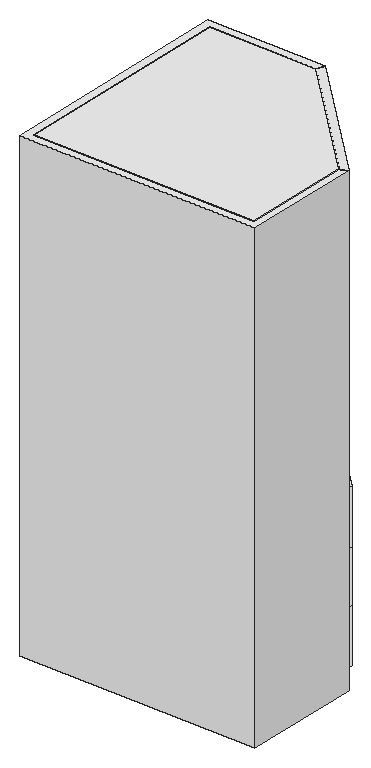
Revit family "M_Armário superior-Unidade de canto alta 1-Parede", category Componentes de gabinete, Revit 2019
Family settings
  Hospedeiro = Parede
  Número OmniClass = 23.40.35.17.47.11
  Título OmniClass = Kitchen Casework
  ID de item do Seek = Upper Cabinet-Corner Unit Tall 1-Wall-0000-CAN-ENU
  Sempre na vertical = Sim
  Corte com vazios quando carregada = Não
  Compartilhado = Não
  Ponto de cálculo do ambiente = Não
Parameters (values of type "300mm")
  Material do armário = none
  Linear = 300 mm
  Material da porta/gaveta = none
  Altura = 1200 mm
  Topo do armário = 2000 mm
  Width = 0 mm
Reference planes
  plane 1: y = 0
  plane 2: x = 258.371
  plane 3: x = -41.629
  plane 4: z = 800
  plane 5: z = 2000
  plane 6: y = 376.2
  plane 7: y = 76.2
  plane 8: z = 1238
  plane 9: y = 681
  plane 10: x = 563.171
  plane 11: z = 1269.75
  plane 12: z = 1100.731
  plane 13: z = 963.463
  plane 14: z = 826.194
  plane 15 "t": z = 1942.85
Forms (mm)
  Extrusion 1, solid, material <- "Material do armário"
    sketch origin (0, 0, 800) x (0, 1, 0) y (1, 0, 0)
      loop
        line (76.2, -41.629) -> (681, -41.629) -> (681, 258.371) -> (661.95, 250.48) -> (661.95, -22.579) -> (95.25, -22.579) -> (95.25, 544.121) -> (368.309, 544.121) -> (376.2, 563.171) -> (76.2, 563.171) -> (76.2, -41.629)
    from 0 to -1200
  Extrusion 2, solid, material <- "Material do armário"
    sketch origin (0, 0, 800) x (0, 1, 0) y (1, 0, 0)
      loop
        line (95.25, -22.579) -> (661.95, -22.579) -> (661.95, 250.48) -> (368.309, 544.121) -> (95.25, 544.121) -> (95.25, -22.579)
    from 0 to -26.194
  Extrusion 3, solid, material <- "Material do armário"
    sketch origin (0, 0, 2000) x (0, 1, 0) y (1, 0, 0)
      loop
        line (661.95, 250.48) -> (368.309, 544.121) -> (95.25, 544.121) -> (95.25, -22.579) -> (661.95, -22.579) -> (661.95, 250.48)
    from 0 to 25.4
  Extrusion 4, solid, material <- "Material do armário"
    sketch origin (0, 0, 800) x (0, 1, 0) y (1, 0, 0)
      loop
        line (661.95, 250.48) -> (681, 258.371) -> (376.2, 563.171) -> (368.309, 544.121) -> (661.95, 250.48)
    from 0 to -1200
  Extrusion 5, void
    sketch origin (0, 0, 800) x (1, 0, 0) y (0, 1, 0)
      loop
        line (285.312, 627.118) -> (509.29, 403.141) -> (522.76, 416.611) -> (298.782, 640.589) -> (285.312, 627.118)
    from 469.75 to 1142.85
  Extrusion 6, solid, material <- "Material da porta/gaveta"
    sketch origin (-4.358, -4.358, 1555.75) x (-1, 0, 0) y (0, 1, 0)
      loop
        line (-312.12, 653.927) -> (-536.098, 429.949) -> (-513.647, 407.498) -> (-289.669, 631.476) -> (-312.12, 653.927)
    from 317.75 to 455.019
  Extrusion 7, void
    sketch origin (0, 0, 800) x (1, 0, 0) y (0, 1, 0)
      loop
        line (285.312, 627.118) -> (509.29, 403.141) -> (522.76, 416.611) -> (298.782, 640.589) -> (285.312, 627.118)
    from 26.194 to 438
  Extrusion 8, solid, material <- "Material da porta/gaveta"
    sketch origin (0, 0, 800) x (0, 1, 0) y (1, 0, 0)
      loop
        line (425.591, 531.74) -> (403.141, 509.29) -> (627.118, 285.312) -> (649.569, 307.763) -> (425.591, 531.74)
    from -163.463 to -26.194
  Extrusion 9, solid, material <- "Material da porta/gaveta"
    sketch origin (0, 0, 800) x (0, 1, 0) y (1, 0, 0)
      loop
        line (425.591, 531.74) -> (403.141, 509.29) -> (627.118, 285.312) -> (649.569, 307.763) -> (425.591, 531.74)
    from -300.731 to -163.463
  Extrusion 10, solid, material <- "Material da porta/gaveta"
    sketch origin (0, 0, 1942.85) x (0, 1, 0) y (1, 0, 0)
      loop
        line (627.118, 285.312) -> (645.079, 303.272) -> (421.101, 527.25) -> (403.141, 509.29) -> (627.118, 285.312)
    from 0 to 673.1
Cuts and joins
  Extrusion 5, Extrusion 7 cuts Extrusion 1
  Extrusion 5, Extrusion 7 cuts Extrusion 2
  Extrusion 5, Extrusion 7 cuts Extrusion 3
  Extrusion 5, Extrusion 7 cuts Extrusion 4
  Extrusion 7 cuts Extrusion 6
Lines and regions (mm)
  symbolic lines, style "Rep. da planta - Acima"
    curve 1: line (-41.629, 76.2, 800) -> (-41.629, 681, 800)
    curve 2: line (-41.629, 681, 800) -> (258.371, 681, 800)
    curve 3: line (258.371, 681, 800) -> (563.171, 376.2, 800)
    curve 4: line (563.171, 376.2, 800) -> (563.171, 76.2, 800)
    curve 5: line (563.171, 76.2, 800) -> (-41.629, 76.2, 800)
Text (mm)
  text "Lado da colocação" at (0, 251.518, 2621.215), in view "Direita"
  text "Lado da colocação" at (-1498.394, 889.318, 0), in view "Linha do piso"
  text "Lado da colocação" at (0, 1429.47, 2455.331), in view "Esquerda"
Dimensions and locks
  "Altura": plane 4 to plane 5
  "Topo do armário": level to plane 5
  locked: plane 8 to plane 5 at 762
  locked: plane 8 to plane 11 at 31.75
  locked: plane 9 to plane 6 at 304.8
  locked: plane 2 to plane 10 at 304.8
  equal spacing: plane 14, plane 13, plane 12, plane 8
  locked: plane 4 to plane 14 at 26.194
  locked: plane 15 "t" to plane 5 at 57.15
  "Linear": plane 6 to plane 7
  "Linear": plane 3 to plane 2
  aligned and locked: plane 7 to host wall
  aligned and locked: Extrusion 1 to plane 5
  aligned and locked: Extrusion 4 to plane 5
  aligned and locked: Extrusion 6 to plane 8
  aligned and locked: plane 12 to Extrusion 6
  aligned and locked: Extrusion 7 to plane 8
  aligned and locked: Extrusion 9 to plane 12
  aligned and locked: plane 13 to Extrusion 9
  aligned and locked: Extrusion 8 to plane 13
  aligned and locked: Extrusion 7 to cut or joined group of Extrusion 2, Extrusion 5, Extrusion 7
  aligned and locked: Extrusion 8 to cut or joined group of Extrusion 2, Extrusion 5, Extrusion 7
  aligned and locked: plane 15 "t" to Extrusion 5
  aligned and locked: plane 11 to Extrusion 5
  aligned: level to host wall
Automatic sketch dimensions
  Extrusion 1 sketch curve to host wall = 0 mm
  Extrusion 1 sketch curve to plane 6 = 0 mm
  Extrusion 1 sketch curve to plane 2 = 0 mm
  Extrusion 1 sketch curve to plane 9 = 0 mm
  Extrusion 1 sketch curve to plane 10 = 0 mm
  Extrusion 1 sketch curve to plane 3 = 0 mm
  host wall to Extrusion 1 sketch curve = 19.05 mm
  Extrusion 1 sketch curve to plane 6 = 7.891 mm
  Extrusion 1 sketch curve to Extrusion 1 sketch curve = 19.05 mm
  plane 3 to Extrusion 1 sketch curve = 19.05 mm
  host wall to Extrusion 2 sketch curve = 19.05 mm
  Extrusion 2 sketch curve to plane 6 = 7.891 mm
  Extrusion 2 sketch curve to plane 2 = 7.891 mm
  plane 9 to Extrusion 2 sketch curve = 19.05 mm
  plane 10 to Extrusion 2 sketch curve = 19.05 mm
  plane 3 to Extrusion 2 sketch curve = 19.05 mm
  host wall to Extrusion 3 sketch curve = 19.05 mm
  Extrusion 3 sketch curve to plane 6 = 7.891 mm
  plane 3 to Extrusion 3 sketch curve = 19.05 mm
  plane 9 to Extrusion 3 sketch curve = 19.05 mm
  Extrusion 3 sketch curve to plane 2 = 7.891 mm
  plane 10 to Extrusion 3 sketch curve = 19.05 mm
  plane 10 to Extrusion 1 sketch curve = 19.05 mm
  Extrusion 1 sketch curve to plane 2 = 7.891 mm
  Extrusion 4 sketch curve to plane 6 = 0 mm
  Extrusion 4 sketch curve to plane 2 = 0 mm
  Extrusion 4 sketch curve to plane 9 = 0 mm
  Extrusion 4 sketch curve to plane 10 = 0 mm
  Extrusion 4 sketch curve to plane 6 = 7.891 mm
  Extrusion 4 sketch curve to plane 2 = 7.891 mm
  plane 9 to Extrusion 4 sketch curve = 19.05 mm
  plane 10 to Extrusion 4 sketch curve = 19.05 mm
  plane 2 to Extrusion 5 sketch curve = 26.941 mm
  Extrusion 5 sketch curve to Extrusion 5 sketch curve = 13.47 mm  (x2)
  plane 6 to Extrusion 5 sketch curve = 26.941 mm
  plane 2 to Extrusion 5 sketch curve = 250.918 mm
  curve 5 to plane 3 = 0 mm
  curve 2 to plane 2 = 0 mm
  curve 4 to plane 10 = 0 mm
  curve 1 to host wall = 0 mm
  curve 3 to plane 6 = 0 mm
  curve 2 to plane 9 = 0 mm
  plane 10 to Extrusion 6 sketch curve = 31.431 mm
  plane 6 to Extrusion 6 sketch curve = 26.941 mm
  Extrusion 6 sketch curve to Extrusion 6 sketch curve = 22.451 mm  (x2)
  plane 2 to Extrusion 6 sketch curve = 49.391 mm
  plane 2 to Extrusion 7 sketch curve = 26.941 mm
  Extrusion 7 sketch curve to Extrusion 7 sketch curve = 13.47 mm  (x2)
  plane 6 to Extrusion 7 sketch curve = 26.941 mm
  plane 10 to Extrusion 7 sketch curve = 53.882 mm
  plane 6 to Extrusion 9 sketch curve = 26.941 mm
  Extrusion 9 sketch curve to Extrusion 9 sketch curve = 22.451 mm  (x2)
  plane 2 to Extrusion 9 sketch curve = 26.941 mm
  plane 9 to Extrusion 9 sketch curve = 53.882 mm
  plane 6 to Extrusion 10 sketch curve = 26.941 mm
  Extrusion 10 sketch curve to Extrusion 10 sketch curve = 17.961 mm  (x2)
  plane 2 to Extrusion 10 sketch curve = 26.941 mm
  plane 9 to Extrusion 10 sketch curve = 53.882 mm
  plane 6 to Extrusion 8 sketch curve = 26.941 mm
  plane 10 to Extrusion 8 sketch curve = 31.431 mm
  Extrusion 8 sketch curve to Extrusion 8 sketch curve = 22.451 mm  (x2)
  plane 9 to Extrusion 8 sketch curve = 53.882 mm
